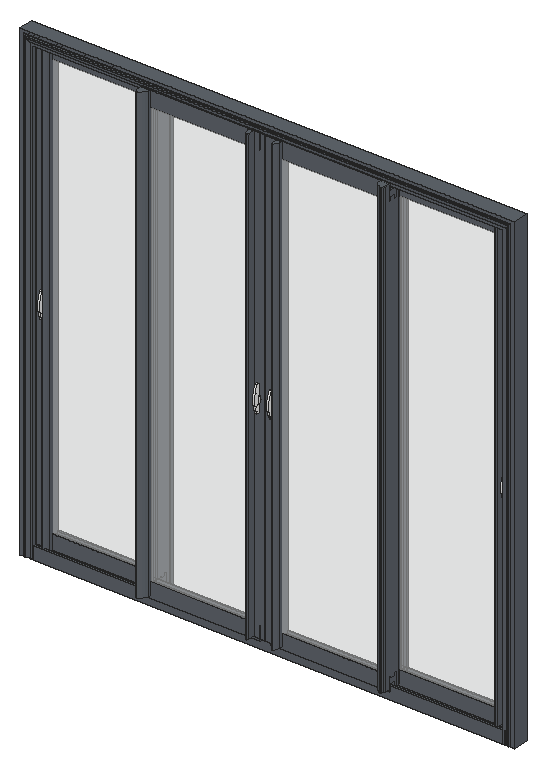
Revit family "Wicslide_65_Glass24_4_leaf_2_track_4_leaf_slide_or_2_inner_slide_2_outer_fixed", category Doors, host Wall, Revit 2014 (continued)
Definition of nested family "Leaf_Wicslide_65_2_leaf_2_track_both_sliding_or_1_fixed_1slide_mirror"
  Definition of nested family "Sash_horizontal_1041264"
    Reference planes
      plane 1 "Center (Front/Back)": y = 0
      plane 2: z = 0
      plane 3 "Center (Left/Right)": x = 0
    Lines and regions (mm)
      Filled region 1, type "Concrete", in view "Ref. Level", detail levels medium
        outline origin (18.997, 3.58, 0) x (1, 0, 0) y (0, 1, 0)
          loop
            line (-35.168, -8.845) -> (-2.968, -8.845) -> (-2.968, 59.155) -> (-6.959, 59.155) -> (-6.959, 43.054) -> (-30.959, 43.054) -> (-30.959, 59.155) -> (-35.168, 59.155) -> (-35.168, -8.845)
      detail lines, style "GLAS", in view "Ref. Level", detail levels fine
        curve 1: line (-11.963, 46.634, 0) -> (-11.963, 86.634, 0)
        curve 2: line (12.037, 86.634, 0) -> (12.037, 46.634, 0)
        curve 26: line (-11.963, 86.634, 0) -> (-11.963, 46.634, 0)
        curve 27: line (-11.963, 46.634, 0) -> (12.037, 46.634, 0)
        curve 28: line (12.037, 46.634, 0) -> (12.037, 86.634, 0)
      detail lines, style "CENT3", in view "Ref. Level", not visible
        curve 3: line (123.517, -4.599, 0) -> (123.517, -38.599, 0)
      detail lines, style "GLAS", in view "Ref. Level", not visible
        curve 4: line (83.517, -9.599, 0) -> (123.517, -9.599, 0)
        curve 5: line (123.517, -9.599, 0) -> (123.517, -14.599, 0)
        curve 6: line (123.517, -14.599, 0) -> (83.517, -14.599, 0)
        curve 7: line (83.517, -14.599, 0) -> (83.517, -9.599, 0)
        curve 8: line (83.517, -28.599, 0) -> (123.517, -28.599, 0)
        curve 9: line (123.517, -28.599, 0) -> (123.517, -33.599, 0)
        curve 10: line (123.517, -33.599, 0) -> (83.517, -33.599, 0)
        curve 11: line (83.517, -33.599, 0) -> (83.517, -28.599, 0)
        curve 12: line (83.517, -10.599, 0) -> (123.517, -10.599, 0)
        curve 13: line (83.517, -11.599, 0) -> (123.517, -11.599, 0)
        curve 14: line (83.517, -12.599, 0) -> (123.517, -12.599, 0)
        curve 15: line (83.517, -13.599, 0) -> (123.517, -13.599, 0)
        curve 16: line (83.517, -14.599, 0) -> (123.517, -14.599, 0)
        curve 17: line (93.517, -14.599, 0) -> (93.517, -28.599, 0)
        curve 18: line (83.517, -28.599, 0) -> (123.517, -28.599, 0)
        curve 19: line (83.517, -29.599, 0) -> (123.517, -29.599, 0)
        curve 20: line (83.517, -30.599, 0) -> (123.517, -30.599, 0)
        curve 21: line (83.517, -31.599, 0) -> (123.517, -31.599, 0)
        curve 22: line (83.517, -32.599, 0) -> (123.517, -32.599, 0)
        curve 23: line (123.517, -9.599, 0) -> (83.517, -9.599, 0)
        curve 24: line (83.517, -9.599, 0) -> (83.517, -33.599, 0)
        curve 25: line (83.517, -33.599, 0) -> (123.517, -33.599, 0)
      detail lines, style "GLAS", in view "Ref. Level", not visible, detail levels fine
        curve 29: line (56.036, -6.117, 0) -> (96.036, -6.117, 0)
        curve 30: line (96.036, -30.117, 0) -> (56.036, -30.117, 0)
        curve 31: line (96.036, -6.117, 0) -> (56.036, -6.117, 0)
        curve 32: line (56.036, -6.117, 0) -> (56.036, -30.117, 0)
        curve 33: line (56.036, -30.117, 0) -> (96.036, -30.117, 0)
  Definition of nested family "Sash Verticals_1041261"
    Reference planes
      plane 1 "Center (Front/Back)": y = 0
      plane 2: z = 0
      plane 3 "Center (Left/Right)": x = 0
      plane 4: y = -36
      plane 5: y = -18
    Lines and regions (mm)
      Filled region 1, type "Concrete", in view "Ref. Level", detail levels medium
        outline origin (18.997, 3.58, 0) x (1, 0, 0) y (0, 1, 0)
          loop
            line (-18.997, -3.58) -> (-18.997, -62.58) -> (49.003, -62.58) -> (49.003, -33.697) -> (37.039, -33.697) -> (37.039, -9.697) -> (49.003, -9.697) -> (49.003, -3.58) -> (-18.997, -3.58)
      model lines, style "GLAS", in view "Ref. Level", detail levels fine
        curve 1: line (96.036, -6.117, 0) -> (56.036, -6.117, 0)
        curve 2: line (56.036, -6.117, 0) -> (56.036, -30.117, 0)
        curve 3: line (56.036, -30.117, 0) -> (96.036, -30.117, 0)
  Definition of nested family "Sash Verticals_1041262"
    Reference planes
      plane 1 "Center (Front/Back)": y = 0
      plane 2: z = 0
      plane 3 "Center (Left/Right)": x = 0
      plane 4: y = -36
      plane 5: y = -18
    Lines and regions (mm)
      Filled region 1, type "Concrete", in view "Ref. Level", detail levels medium
        outline origin (18.997, 3.58, 0) x (1, 0, 0) y (0, 1, 0)
          loop
            line (-18.997, -3.58) -> (-18.997, -39.58) -> (-2.997, -39.58) -> (-2.997, -59.58) -> (49.003, -59.58) -> (49.003, -33.697) -> (37.039, -33.697) -> (37.039, -9.697) -> (49.003, -9.697) -> (49.003, -3.58) -> (-18.997, -3.58)
      model lines, style "GLAS", in view "Ref. Level", detail levels fine
        curve 1: line (96.036, -6.117, 0) -> (56.036, -6.117, 0)
        curve 2: line (56.036, -6.117, 0) -> (56.036, -30.117, 0)
        curve 3: line (56.036, -30.117, 0) -> (96.036, -30.117, 0)
  Definition of nested family "Sash Verticals_1041263"
    Reference planes
      plane 1 "Center (Front/Back)": y = 0
      plane 2: z = 0
      plane 3 "Center (Left/Right)": x = 0
      plane 4: y = -36
      plane 5: y = -18
    Lines and regions (mm)
      Filled region 1, type "Concrete", in view "Ref. Level", detail levels medium
        outline origin (18.997, 3.58, 0) x (1, 0, 0) y (0, 1, 0)
          loop
            line (-18.997, -3.58) -> (-18.997, -39.58) -> (32.003, -39.58) -> (32.003, -64.58) -> (33.69, -72.495) -> (34.775, -73.58) -> (38.085, -73.58)
            arc (38.085, -73.58) -> (45.468, -61.921) -> (49.003, -48.58) r 45.352
            line (49.003, -48.58) -> (49.003, -33.697) -> (37.039, -33.697) -> (37.039, -9.697) -> (49.003, -9.697) -> (49.003, -3.58) -> (-18.997, -3.58)
      model lines, style "GLAS", in view "Ref. Level", detail levels fine
        curve 1: line (96.036, -6.117, 0) -> (56.036, -6.117, 0)
        curve 2: line (56.036, -6.117, 0) -> (56.036, -30.117, 0)
        curve 3: line (56.036, -30.117, 0) -> (96.036, -30.117, 0)
  Definition of nested family "Sash meeting_3041241"
    Reference planes
      plane 1 "Center (Front/Back)": y = 0
      plane 2: z = 0
      plane 3 "Center (Left/Right)": x = 0
      plane 4: y = -36
      plane 5: y = -18
      plane 6: x = 18.975
    Lines and regions (mm)
      Filled region 1, type "Concrete", in view "Ref. Level", detail levels medium
        outline origin (18.997, 3.58, 0) x (1, 0, 0) y (0, 1, 0)
          loop
            line (-0.022, -74.38) -> (-0.022, 5.873) -> (-18.997, 5.873) -> (-18.997, -3.58) -> (-38.023, -3.58) -> (-38.023, -9.697) -> (-26.02, -9.697) -> (-26.02, -33.697) -> (-38.023, -33.697) -> (-38.023, -74.38) -> (-0.022, -74.38)
      detail lines, style "GLAS", in view "Ref. Level", detail levels fine
        curve 1: line (-47.023, -6.117, 0) -> (-7.023, -6.117, 0)
        curve 2: line (-7.023, -6.117, 0) -> (-7.023, -30.117, 0)
        curve 3: line (-7.023, -30.117, 0) -> (-47.023, -30.117, 0)
  Definition of nested family "Sash meeting_3041242"
    Reference planes
      plane 1 "Center (Front/Back)": y = 0
      plane 2: z = 0
      plane 3 "Center (Left/Right)": x = 0
      plane 4: y = -36
      plane 5: y = -18
      plane 6: x = 18.975
    Lines and regions (mm)
      Filled region 1, type "Concrete", in view "Ref. Level", detail levels medium
        outline origin (18.997, 3.58, 0) x (1, 0, 0) y (0, 1, 0)
          loop
            line (-0.022, -59.127) -> (-0.022, 5.873) -> (-18.997, 5.873) -> (-18.997, -3.58) -> (-38.023, -3.58) -> (-38.023, -9.697) -> (-26.02, -9.697) -> (-26.02, -33.697) -> (-38.023, -33.697) -> (-38.023, -48.32)
            arc (-38.023, -48.32) -> (-28.034, -66.62) -> (-11.546, -79.38) r 50.906
            line (-11.546, -79.38) -> (-5.862, -79.38) -> (-4.003, -78.378) -> (-1.018, -67.237) -> (-0.022, -59.127)
      detail lines, style "GLAS", in view "Ref. Level", detail levels fine
        curve 1: line (-47.023, -6.117, 0) -> (-7.023, -6.117, 0)
        curve 2: line (-7.023, -6.117, 0) -> (-7.023, -30.117, 0)
        curve 3: line (-7.023, -30.117, 0) -> (-47.023, -30.117, 0)
  Definition of nested family "Sash_lock"
    Reference planes
      plane 1 "Center (Front/Back)": y = 0
      plane 2: z = 0
      plane 3 "Center (Left/Right)": x = 0
      plane 4: y = -36
      plane 5: y = -18
  Definition of nested family "wicona_handle_2d"
    Reference planes
      plane 1 "Center (Front/Back)": y = 0
      plane 2: z = 0
      plane 3 "Center (Left/Right)": x = 0
    Lines and regions (mm)
      Filled region 1, type "Concrete", in view "Ref. Level", detail levels medium
        outline origin (18.997, 3.58, 0) x (1, 0, 0) y (0, 1, 0)
          loop
            line (-32.997, -3.58) -> (-32.997, -9.933) -> (-24.997, -13.663) -> (-24.997, -27.833) -> (-22.937, -29.893) -> (-14.406, -29.893) -> (-13.407, -28.894) -> (-12.884, -13.903) -> (-10.056, -13.145) -> (-10.056, -16.127) -> (-7.132, -23.016) -> (0.376, -23.016) -> (1.978, -21.414) -> (0.932, -15.482) -> (-2.662, -8.313) -> (-7.394, -3.58) -> (-32.997, -3.58)
      model lines, style "PIECES", in view "Ref. Level", detail levels fine
        curve 1: arc (14, -1.6, 0) -> (13.707, -0.893, 0) -> (13, -0.6, 0) r 1
        curve 2: arc (6.221, -10.26, 0) -> (7.596, -9.888, 0) -> (8.949, -9.443, 0) r 26.5
        curve 3: arc (-13.393, -7.367, 0) -> (-9.913, -9.076, 0) -> (-6.221, -10.26, 0) r 26.5
        curve 4: arc (11.211, -7.242, 0) -> (11.535, -6.913, 0) -> (11.677, -6.473, 0) r 1
        curve 5: line (11.793, -0.6, 0) -> (12.052, -0.6, 0)
        curve 6: line (12.052, -0.6, 0) -> (13, -0.6, 0)
        curve 7: line (8.949, -12.262, 0) -> (8.949, -8.492, 0)
        curve 8: line (-4.591, -26.312, 0) -> (4.591, -26.312, 0)
        curve 9: line (-5.814, -25, 0) -> (-6.068, -10.451, 0)
        curve 10: line (-6.068, -10.451, 0) -> (-6.221, -10.26, 0)
        curve 11: line (5.815, -24.927, 0) -> (6.068, -10.451, 0)
        curve 12: line (6.068, -10.451, 0) -> (6.221, -10.26, 0)
        curve 13: line (11.211, -7.242, 0) -> (10.341, -7.762, 0)
        curve 14: line (10.341, -7.762, 0) -> (9.463, -8.24, 0)
        curve 15: line (9.463, -8.24, 0) -> (8.565, -8.68, 0)
        curve 16: line (8.565, -8.68, 0) -> (7.649, -9.083, 0)
        curve 17: line (7.505, -9.142, 0) -> (7.006, -9.364, 0)
        curve 18: line (-13.393, -7.367, 0) -> (-13.886, -6.543, 0)
        curve 19: line (-13.886, -6.543, 0) -> (-14, 0, 0)
        curve 20: line (-14, 0, 0) -> (11.805, 0, 0)
        curve 21: line (11.805, 0, 0) -> (11.786, -1, 0)
        curve 22: line (11.786, -1, 0) -> (11.766, -2, 0)
        curve 23: line (11.766, -2, 0) -> (11.747, -2.999, 0)
        curve 24: line (11.747, -2.999, 0) -> (11.727, -3.999, 0)
        curve 25: line (11.727, -3.999, 0) -> (11.708, -4.999, 0)
        curve 26: line (11.708, -4.999, 0) -> (11.688, -5.999, 0)
        curve 27: line (11.688, -5.999, 0) -> (11.68, -6.413, 0)
        curve 28: line (12.793, -0.754, 0) -> (13.413, -1.137, 0)
        curve 29: line (13.413, -1.137, 0) -> (14.151, -1.812, 0)
        curve 30: line (14.151, -1.812, 0) -> (14.853, -2.523, 0)
        curve 31: line (14.853, -2.523, 0) -> (15.519, -3.269, 0)
        curve 32: line (15.519, -3.269, 0) -> (16.149, -4.046, 0)
        curve 33: line (16.149, -4.046, 0) -> (16.743, -4.851, 0)
        curve 34: line (16.743, -4.851, 0) -> (17.301, -5.68, 0)
        curve 35: line (17.301, -5.68, 0) -> (17.61, -6.174, 0)
        curve 36: line (12.052, -0.6, 0) -> (12.765, -0.743, 0)
        curve 37: line (17.643, -6.231, 0) -> (18.091, -7.125, 0)
        curve 38: line (18.091, -7.125, 0) -> (18.508, -8.034, 0)
        curve 39: line (18.508, -8.034, 0) -> (18.897, -8.955, 0)
        curve 40: line (18.897, -8.955, 0) -> (19.257, -9.888, 0)
        curve 41: line (19.257, -9.888, 0) -> (19.59, -10.831, 0)
        curve 42: line (19.59, -10.831, 0) -> (19.895, -11.783, 0)
        curve 43: line (19.895, -11.783, 0) -> (20.172, -12.744, 0)
        curve 44: line (20.172, -12.744, 0) -> (20.422, -13.712, 0)
        curve 45: line (20.422, -13.712, 0) -> (20.645, -14.687, 0)
        curve 46: line (20.645, -14.687, 0) -> (20.841, -15.667, 0)
        curve 47: line (20.841, -15.667, 0) -> (21.011, -16.653, 0)
        curve 48: line (21.011, -16.653, 0) -> (21.043, -16.863, 0)
        curve 49: line (21.043, -16.863, 0) -> (20.974, -17.852, 0)
        curve 50: line (20.974, -17.852, 0) -> (20.702, -18.43, 0)
        curve 51: line (20.702, -18.43, 0) -> (20.014, -19.149, 0)
        curve 52: line (20.014, -19.149, 0) -> (19.107, -19.554, 0)
        curve 53: line (19.107, -19.554, 0) -> (18.664, -19.6, 0)
        curve 54: line (18.664, -19.6, 0) -> (16.934, -19.6, 0)
        curve 55: line (16.934, -19.6, 0) -> (15.934, -19.6, 0)
        curve 56: line (15.934, -19.6, 0) -> (14.934, -19.6, 0)
        curve 57: line (14.934, -19.6, 0) -> (13.934, -19.6, 0)
        curve 58: line (13.934, -19.6, 0) -> (13.413, -19.6, 0)
        curve 59: line (13.413, -19.6, 0) -> (12.446, -19.377, 0)
        curve 60: line (12.446, -19.377, 0) -> (11.651, -18.781, 0)
        curve 61: line (11.651, -18.781, 0) -> (11.243, -18.216, 0)
        curve 62: line (11.243, -18.216, 0) -> (10.768, -17.336, 0)
        curve 63: line (10.768, -17.336, 0) -> (10.324, -16.441, 0)
        curve 64: line (10.324, -16.441, 0) -> (9.909, -15.531, 0)
        curve 65: line (9.909, -15.531, 0) -> (9.525, -14.608, 0)
        curve 66: line (9.525, -14.608, 0) -> (9.171, -13.672, 0)
        curve 67: line (9.162, -13.647, 0) -> (8.966, -12.67, 0)
        curve 68: line (8.963, -12.62, 0) -> (8.951, -12.312, 0)
        curve 69: arc (-5.814, -25, 0) -> (-5.429, -25.928, 0) -> (-4.501, -26.312, 0) r 1.312
        curve 70: arc (4.591, -26.312, 0) -> (5.454, -25.955, 0) -> (5.812, -25.091, 0) r 1.221
Definition of nested family "Frame_1041231"
  Reference planes
    plane 1 "Center (Front/Back)": y = 0
    plane 2: z = 0
    plane 3 "Center (Left/Right)": x = 0
  Lines and regions (mm)
    Filled region 1, type "Concrete", in view "Ref. Level", detail levels medium
      outline origin (18.997, 3.58, 0) x (1, 0, 0) y (0, 1, 0)
        loop
          line (-18.997, -3.58) -> (-18.997, -68.58) -> (28.505, -68.58) -> (28.505, -56.58) -> (9.034, -56.58) -> (9.034, -15.58) -> (28.505, -15.58) -> (28.505, -3.58) -> (-18.997, -3.58)
Definition of nested family "Frame_1041226"
  Reference planes
    plane 1 "Center (Front/Back)": y = 0
    plane 2: z = 0
    plane 3 "Center (Left/Right)": x = 0
    plane 4: y = -65
  Lines and regions (mm)
    Filled region 1, type "Concrete", in view "Ref. Level", detail levels medium
      outline origin (18.997, 3.58, 0) x (1, 0, 0) y (0, 1, 0)
        loop
          line (-18.997, -3.58) -> (-18.997, -68.58) -> (-2.997, -68.58) -> (-2.997, -63.512) -> (-1.065, -61.58) -> (3.709, -61.58) -> (3.709, -70.58) -> (9.471, -70.58) -> (22.099, -68.58) -> (35.503, -68.58) -> (35.503, -56.58) -> (16.07, -56.58) -> (16.07, -15.58) -> (35.503, -15.58) -> (35.503, -3.58) -> (-18.997, -3.58)
Definition of nested family "Frame_Bottom_1041232"
  Reference planes
    plane 1 "Center (Front/Back)": y = 0
    plane 2: z = 0
    plane 3 "Center (Left/Right)": x = 0
    plane 4: y = -65
  Lines and regions (mm)
    Filled region 1, type "Concrete", in view "Ref. Level", detail levels medium
      outline origin (18.997, -68.58, 0) x (0, -1, 0) y (1, 0, 0)
        loop
          line (19.42, 13.237) -> (19.42, 28.505) -> (-15.58, 28.505) -> (-15.58, 9.034) -> (-56.58, 9.034) -> (-56.58, 28.505) -> (-68.58, 28.505) -> (-68.58, -18.997) -> (-3.58, -18.997) -> (-3.58, -2.747) -> (10.554, -2.747)
          arc (10.554, -2.747) -> (15.822, 4.781) -> (19.42, 13.237) r 44.207
Definition of nested family "Seal"
  Reference planes
    plane 1 "Center (Front/Back)": y = 0
    plane 2: z = 0
    plane 3 "Center (Left/Right)": x = 0
Definition of nested family "sliding door_coarse"
  Parameters (values of type "52")
    line = 52 mm
    built-in parameter 1001306 [instance] = 1400 mm
    Glass Thickness = 52 mm
  Types (4, lengths in mm): name | line | built-in parameter 1001306 | Glass Thickness
    36 | 36 | 1200 | 36
    40 | 40 | 1200 | 40
    44 | 44 | 1400 | 44
    52 | 52 | 1400 | 52
  Reference planes
    plane 1 "Center (Front/Back)": y = 0
    plane 2: z = 0
    plane 3 "Left": x = 0
    plane 4 "Right": x = 1400
    plane 5: y = 26
    plane 6: y = -26
    plane 7: x = 52
    plane 8: x = 1348
  Lines and regions (mm)
    reference lines, in view "Ref. Level"
      curve 1: line (52, 0, 0) -> (1348, 0, 0)
    detail lines, in view "Ref. Level", detail levels coarse
      curve 2: line (0, 26, 0) -> (1400, 26, 0)
      curve 3: line (0, -26, 0) -> (1400, -26, 0)
      curve 4: line (52, 0, 0) -> (1348, 0, 0)
    model lines, style "DetailComponents", in view "Ref. Level", detail levels coarse
      curve 5: line (1400, 26, 0) -> (1400, -26, 0)
    detail lines, style "DetailComponents", in view "Ref. Level", detail levels coarse
      curve 6: line (0, 26, 0) -> (0, -26, 0)
      curve 7: line (52, 26, 0) -> (52, -26, 0)
      curve 8: line (1348, 26, 0) -> (1348, -26, 0)
  Dimensions and locks
    "built-in parameter 1001306": plane 3 "Left" to plane 4 "Right"
    "line": plane 3 "Left" to plane 7
    "line": plane 8 to plane 4 "Right"
    "Glass Thickness": plane 5 to plane 6
    equal spacing: plane 5, plane 1 "Center (Front/Back)", plane 6
    aligned and locked: plane 1 "Center (Front/Back)" to curve 1
    aligned and locked: plane 5 to curve 2
    aligned and locked: curve 6 to plane 3 "Left"
    aligned and locked: curve 2 to curve 5
    aligned and locked: curve 3 to curve 5
    aligned and locked: curve 5 to plane 4 "Right"
    aligned and locked: curve 7 to plane 7
    aligned and locked: curve 8 to plane 5
    aligned and locked: curve 8 to plane 8
    aligned and locked: plane 7 to curve 4
    aligned and locked: plane 8 to curve 4
    aligned and locked: plane 6 to curve 3
    aligned and locked: curve 1 to curve 4
  Automatic sketch dimensions
    curve 3 to plane 4 "Right" = 0 mm
    curve 2 to plane 4 "Right" = 0 mm
    curve 1 to plane 8 = 0 mm
    curve 1 to plane 7 = 0 mm
